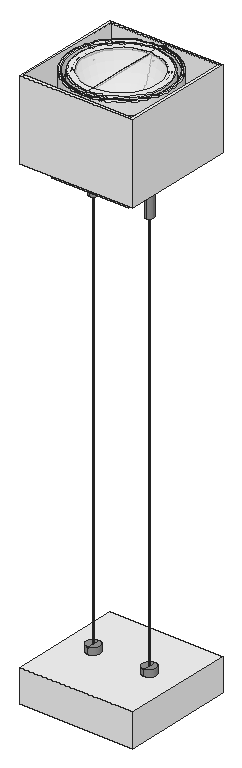
Revit family "Zaniboni-Diva-5_Inch_Pendant-1", category Lighting Fixtures, host Face, Revit 2016
Family settings
  Host = Face
  Part Type = Normal
  Round Connector Dimension = Use Diameter
  Cut with Voids When Loaded = No
  Light Source = No
  Shared = No
  Room Calculation Point = No
Parameters (values of type "Type Catalog")
  Width Base = if(and(D, Q), 7.88", if(T, 11.81", if(D, 11.81", 6")))  # 6"
  Width = 6"
  Wattage Comments = "14W"
  Voltage = 120 V
  URL = "www.zanibonilighting.com"
  Type Comments = "Diva"  # constant formula
  Support Finish = ZBN - Metal Matte White
  Screen Finish = ZBN - Glass
  ST = T  # no
  SQ = Q  # no
  SD = D  # no
  T = no
  Q = no
  Fw = if(and(D, Q), 1.97", if(T, 1.19", if(Q, 0.8", 0.95")))  # 0.95"
  Fd = if(and(D, Q), 1.97", if(T, 2.2", if(D, 2.2", 0.95")))  # 0.95"
  Depth Base = if(and(D, Q), 7.88", 6")  # 6"
  D = no
  Model = "Type Catalog"
  Mechanism Finish = ZBN - Plastic-Black
  Manufacturer = "Zaniboni"  # constant formula
  Length = 6"
  Keynote = "12500"
  Kelvin = "3000°K"
  Frame Finish = ZBN - Metal Matte White
  Diffuser Finish = ZBN - Metal Matte White
  Description = "Type Catalog"
  Default Elevation = 1"
  Cw = if(and(D, Q), 2.71", if(T, 5.1", if(D, 2.15", 1 1/2")))  # 1 1/2"
  Ct = no
  Cord Finish = ZBN - Chrome
  Cord = no
  Ceiling Dist [instance] = 30"
  Cd = if(Q, 2.71", 3")  # 3"
  Cable Width = if(and(D, Q), 0", if(and(D, T), 1 1/4", 0"))  # 0"
  Cable Finish = ZBN - Chrome
  Cc = no
  Cable = yes
  CRI = "80"
  Body Finish = ZBN - Metal Matte White
  Beam = "36°"
  Base Finish = ZBN - Metal Matte White
  Assembly Code = "E1020300"
Reference planes (in)
  plane 1 "Center (Front/Back)": y = 0
  plane 2: z = 0
  plane 3 "Center (Left/Right)": x = 0
  plane 4: x = 6
  plane 5: y = -6
  plane 6: x = 3
  plane 7: y = -3
  plane 8: z = 30
  plane 9: z = 25.79
  plane 10: z = 25.04
  plane 11: z = 1.75
  plane 12: x = 0
  plane 13: x = 6
  plane 14: y = 0
  plane 15: y = -6
  plane 16: z = 2.56213
  plane 17: z = 24.22787
Forms (in)
  Extrusion 1, solid, material "ZBN - Metal Matte White" <- "Body Finish"
    sketch origin (2.99382, -1.49606, 4.68504) x (1, 0, 0) y (0, 1, 0)
      loop
        line (-2.99382, 1.49606) -> (-2.99382, -4.50394) -> (3.00618, -4.50394) -> (3.00618, 1.49606) -> (-2.99382, 1.49606)
      loop
        line (2.88118, -4.37894) -> (2.88118, 1.37106) -> (-2.86882, 1.37106) -> (-2.86882, -4.37894) -> (2.88118, -4.37894)
    from 21.10496 to 25.31496
  Extrusion 2, solid, material "ZBN - Metal Matte White" <- "Body Finish"
    sketch origin (-0.55118, 0.55118, 1.69291) x (1, 0, 0) y (0, 1, 0)
      loop
        line (0.55118, -0.55118) -> (0.55118, -6.55118) -> (6.55118, -6.55118) -> (6.55118, -0.55118) -> (0.55118, -0.55118)
    from 24.09709 to 24.21709
  Extrusion 3, solid, material "ZBN - Metal Matte White" <- "Frame Finish"
    sketch origin (0, 0, 0) x (1, 0, 0) y (0, 1, 0)
      loop
        line (0.95, -0.95) -> (0.95, -5.05) -> (5.05, -5.05) -> (5.05, -0.95) -> (0.95, -0.95)
    from 25.04 to 25.79
  Extrusion 4, solid, material "ZBN - Metal Matte White" <- "Base Finish"
    sketch origin (0, 0, 0) x (1, 0, 0) y (0, 1, 0)
      loop
        line (0, 0) -> (0, -6) -> (6, -6) -> (6, 0) -> (0, 0)
    from 0 to 1.75
  Extrusion 5, solid, material "ZBN - Chrome" <- "Cord Finish", visible <- "Cord"
    sketch origin (18.52533, 7.18971, -0.062) x (1, 0, 0) y (0, 1, 0)
      loop
        circle (-15.52533, -10.18971) r 0.13141
    from 2.62413 to 24.28987
  Blend 6, solid, material "ZBN - Chrome" <- "Cord Finish", visible <- "Cord"
    base sketch origin (21.60427, 0.39394, 0.87387) x (1, 0, 0) y (0, 1, 0)
      loop
        circle (-18.60427, -3.39394) r 0.33016
    top sketch origin (21.60427, 0.39394, 0.87387) x (1, 0, 0) y (0, 1, 0)
      loop
        circle (-18.60427, -3.39394) r 0.19264
    from 0.87613 to 1.68826
  Blend 7, solid, material "ZBN - Chrome" <- "Cord Finish", visible <- "Cord"
    base sketch origin (21.8345, 3.28226, 8.61553) x (0, -1, 0) y (1, 0, 0)
      loop
        circle (6.28226, -18.8345) r 0.33016
    top sketch origin (21.8345, 3.28226, 8.61553) x (0, -1, 0) y (1, 0, 0)
      loop
        circle (6.28226, -18.8345) r 0.19264
    from 16.42447 to 15.61234
Cuts and joins
  joined: Extrusion 1, Extrusion 2
Lines and regions (in)
  symbolic lines
    curve 1: line (0, 0, 0) -> (0, -6, 0)
    curve 2: line (6, 0, 0) -> (0, 0, 0)
    curve 3: line (6, -6, 0) -> (6, 0, 0)
    curve 4: line (0, -6, 0) -> (6, -6, 0)
    curve 5: line (0.125, -5.875, 0) -> (0.125, -0.125, 0)
    curve 6: line (0.125, -0.125, 0) -> (5.875, -0.125, 0)
    curve 7: line (5.875, -0.125, 0) -> (5.875, -5.875, 0)
    curve 8: line (5.875, -5.875, 0) -> (0.125, -5.875, 0)
Dimensions and locks (in)
  plane 3 "Center (Left/Right)" to Extrusion 2 sketch curve = 0"
  Extrusion 2 sketch curve to plane 1 "Center (Front/Back)" = 0"
  locked: plane 3 "Center (Left/Right)" to Extrusion 1 sketch curve at 0.125
  locked: Extrusion 1 sketch curve to plane 4 at 0.125
  locked: Extrusion 1 sketch curve to plane 5 at 0.125
  locked: Extrusion 1 sketch curve to plane 1 "Center (Front/Back)" at 0.125
  "Length": plane 3 "Center (Left/Right)" to plane 4
  "Width": plane 5 to plane 1 "Center (Front/Back)"
  equal spacing: plane 3 "Center (Left/Right)", plane 6, plane 4
  equal spacing: plane 5, plane 7, plane 1 "Center (Front/Back)"
  locked: plane 9 to plane 8 at 4.21
  "Ceiling Dist": plane 2 to plane 8
  locked: cut or joined group of Extrusion 1, Extrusion 2 to plane 9 at 0.12
  locked: plane 10 to plane 9 at 0.75
  "Fd": Extrusion 3 sketch curve to plane 1 "Center (Front/Back)"
  "Fd": Extrusion 3 sketch curve to plane 5
  "Fw": plane 3 "Center (Left/Right)" to Extrusion 3 sketch curve
  "Fw": Extrusion 3 sketch curve to plane 4
  locked: plane 11 to plane 2 at 1.75
  "Cw": plane 3 "Center (Left/Right)" to nested 6
  "Cw": nested 7 to plane 4
  "Cd": nested 6 to plane 1 "Center (Front/Back)"
  "Cd": nested 7 to plane 1 "Center (Front/Back)"
  locked: plane 3 "Center (Left/Right)" to nested 8 at 2.71
  locked: plane 5 to nested 8 at 2.71
  plane 4 to nested 9 = 3.09"
  locked: plane 5 to nested 9 at 2.71
  locked: plane 6 to nested 11 at 1.25
  "Cable Width": nested 10 to plane 6
  equal spacing: plane 12, plane 6, plane 13
  "Width Base": plane 12 to plane 13
  equal spacing: plane 15, plane 7, plane 14
  "Depth Base": plane 14 to plane 15
  locked: plane 16 to plane 11 at 0.81213
  locked: plane 10 to plane 17 at 0.81213
  aligned and locked: plane 2 to host face
  aligned and locked: level to host face
  aligned and locked: plane 3 "Center (Left/Right)" to Extrusion 1 sketch curve
  aligned and locked: plane 1 "Center (Front/Back)" to Extrusion 1 sketch curve
  aligned and locked: plane 4 to Extrusion 1 sketch curve
  aligned and locked: plane 5 to Extrusion 1 sketch curve
  aligned and locked: Extrusion 1 to plane 8
  aligned and locked: plane 8 to nested 4
  aligned and locked: nested 5 to plane 8
  aligned and locked: nested 1 to plane 8
  aligned and locked: plane 8 to nested 2
  aligned and locked: plane 8 to nested 3
  aligned and locked: plane 9 to Extrusion 2
  aligned and locked: plane 9 to Extrusion 1
  aligned and locked: Extrusion 2 to plane 9  (x4)
  aligned and locked: Extrusion 1 to plane 9
  aligned and locked: Extrusion 2 to plane 5
  aligned and locked: Extrusion 2 to plane 1 "Center (Front/Back)"
  aligned and locked: Extrusion 3 to plane 9
  aligned and locked: plane 10 to Extrusion 3
  aligned and locked: nested 6 to plane 11
  aligned and locked: nested 8 to plane 11
  aligned and locked: nested 9 to plane 11
  aligned and locked: plane 11 to nested 11
  aligned and locked: plane 11 to nested 10
  aligned and locked: nested 10 to plane 7
  aligned and locked: nested 11 to plane 7
  aligned and locked: Extrusion 4 sketch curve to plane 14
  aligned and locked: plane 12 to Extrusion 4 sketch curve
  aligned and locked: plane 13 to Extrusion 4 sketch curve
  aligned and locked: Extrusion 4 sketch curve to plane 15
  aligned and locked: Extrusion 4 to plane 2
  aligned and locked: plane 11 to Extrusion 4
  aligned and locked: plane 16 to Extrusion 5
  aligned and locked: Blend 7 to plane 10
  aligned and locked: Blend 7 to plane 17
  aligned and locked: plane 17 to Extrusion 5
  aligned and locked: Blend 6 to plane 11
  aligned and locked: Blend 6 to plane 16
  aligned and locked: plane 6 to Blend 7 sketch curve  (x2)
  aligned and locked: plane 7 to Blend 7 sketch curve  (x2)
  aligned and locked: plane 6 to Blend 6 sketch curve  (x2)
  aligned and locked: plane 7 to Blend 6 sketch curve  (x2)
  aligned and locked: plane 6 to Extrusion 5 sketch curve
  aligned and locked: plane 7 to Extrusion 5 sketch curve
Automatic sketch dimensions
  curve 1 to plane 3 "Center (Left/Right)" = 0"
  curve 3 to plane 4 = 0"
  curve 1 to plane 5 = 0"
  plane 1 "Center (Front/Back)" to curve 2 = 0"
  plane 3 "Center (Left/Right)" to curve 5 = 1/8"
  plane 4 to curve 8 = 1/8"
  plane 5 to curve 8 = 1/8"
  plane 1 "Center (Front/Back)" to curve 5 = 1/8"
  host sketch curve to host sketch curve = 16.02584"
  host sketch curve to host sketch curve = 22.01764"
  Extrusion 2 sketch curve to plane 4 = 0"
  Extrusion 2 sketch curve to plane 5 = 0"
  radius of Extrusion 5 sketch curve = 0.13141"
  radius of Blend 6 sketch curve = 0.33016"
  radius of Blend 6 sketch curve = 0.19264"
  radius of Blend 7 sketch curve = 0.33016"
  radius of Blend 7 sketch curve = 0.19264"
Nested families (in)
  nested 1: "Diva 5" at (3, -3, 9.05081), Diffuser Finish <- "Diffuser Finish", Frame Finish <- "Frame Finish", Mechanism Finish <- "Mechanism Finish", Screen Finish <- "Screen Finish", Support Finish <- "Support Finish", Voltage <- "Voltage", type "Diva 5"
    with Voltage 120 V, Support Finish ZBN - Metal Matte White, Support yes, Screen Finish ZBN - Glass, Mechanism Finish ZBN - Plastic-Black, Light yes, Frame Finish ZBN - Metal Matte White, Diffuser Finish ZBN - Metal Matte White
  nested 2: "Diva 5" at (8.85, -3, 9.05081) x (-1, 0, 0) z (0, 0, 1), Support <- "SD", Light <- "D", Diffuser Finish <- "Diffuser Finish", Frame Finish <- "Frame Finish", Mechanism Finish <- "Mechanism Finish", Screen Finish <- "Screen Finish", Support Finish <- "Support Finish", Voltage <- "Voltage", type "Diva 5"
    with Voltage 120 V, Support Finish ZBN - Metal Matte White, Support no, Screen Finish ZBN - Glass, Mechanism Finish ZBN - Plastic-Black, Light no, Frame Finish ZBN - Metal Matte White, Diffuser Finish ZBN - Metal Matte White
  nested 3: "Diva 5" at (14.7, -3, 9.05081) x (-1, 0, 0) z (0, 0, 1), Support <- "ST", Light <- "T", Diffuser Finish <- "Diffuser Finish", Frame Finish <- "Frame Finish", Mechanism Finish <- "Mechanism Finish", Screen Finish <- "Screen Finish", Support Finish <- "Support Finish", Voltage <- "Voltage", type "Diva 5"
    with Voltage 120 V, Support Finish ZBN - Metal Matte White, Support no, Screen Finish ZBN - Glass, Mechanism Finish ZBN - Plastic-Black, Light no, Frame Finish ZBN - Metal Matte White, Diffuser Finish ZBN - Metal Matte White
  nested 4: "Diva 5" at (3, -8.71946, 9.05081), Support <- "SQ", Light <- "Q", Diffuser Finish <- "Diffuser Finish", Frame Finish <- "Frame Finish", Mechanism Finish <- "Mechanism Finish", Screen Finish <- "Screen Finish", Support Finish <- "Support Finish", Voltage <- "Voltage", type "Diva 5"
    with Voltage 120 V, Support Finish ZBN - Metal Matte White, Support no, Screen Finish ZBN - Glass, Mechanism Finish ZBN - Plastic-Black, Light no, Frame Finish ZBN - Metal Matte White, Diffuser Finish ZBN - Metal Matte White
  nested 5: "Diva 5" at (8.85, -8.71946, 9.05081) x (-1, 0, 0) z (0, 0, 1), Support <- "SQ", Light <- "Q", Diffuser Finish <- "Diffuser Finish", Frame Finish <- "Frame Finish", Mechanism Finish <- "Mechanism Finish", Screen Finish <- "Screen Finish", Support Finish <- "Support Finish", Voltage <- "Voltage", type "Diva 5"
    with Voltage 120 V, Support Finish ZBN - Metal Matte White, Support no, Screen Finish ZBN - Glass, Mechanism Finish ZBN - Plastic-Black, Light no, Frame Finish ZBN - Metal Matte White, Diffuser Finish ZBN - Metal Matte White
  nested 6: "Aircraft" at (1.5, -3, 0), CL <- "Ceiling Dist", Cable Finish <- "Cable Finish", Cable <- "Cable", type "Cable"
    with Cable Finish ZBN - Chrome, Cable yes, CL 30"
  nested 7: "Aircraft" at (4.5, -3, 0), CL <- "Ceiling Dist", Cable Finish <- "Cable Finish", Cable <- "Cable", type "Cable"
    with Cable Finish ZBN - Chrome, Cable yes, CL 30"
  nested 8: "Aircraft" at (2.71, -3.29, 0), CL <- "Ceiling Dist", Cable Finish <- "Cable Finish", Cable <- "Q", type "Cable"
    with Cable Finish ZBN - Chrome, Cable no, CL 30"
  nested 9: "Aircraft" at (9.09, -3.29, 0), CL <- "Ceiling Dist", Cable Finish <- "Cable Finish", Cable <- "Q", type "Cable"
    with Cable Finish ZBN - Chrome, Cable no, CL 30"
  nested 10: "Aircraft" at (3, -3, 0), CL <- "Ceiling Dist", Cable Finish <- "Cable Finish", Cable <- "Cc", type "Cable"
    with Cable Finish ZBN - Chrome, Cable no, CL 30"
  nested 11: "Aircraft" at (4.25, -3, 0), CL <- "Ceiling Dist", Cable Finish <- "Cable Finish", Cable <- "Ct", type "Cable"
    with Cable Finish ZBN - Chrome, Cable no, CL 30"
Definition of nested family "Diva 5"
  Parameters (values of type "Diva 5")
    Wattage = 9.2903 W
    built-in parameter 1150110 = 1 (stored number, unit not read)
    Voltage [instance] = 0 V
    built-in parameter 1114217 = 1 (stored number, unit not read)
    Tilt Angle = 90.00°
    built-in parameter 1150109 = 1 (stored number, unit not read)
    built-in parameter 1150134 = 3
    built-in parameter 1150113 = 1 (stored number, unit not read)
    Support Finish [instance] = none
    Support [instance] = yes
    Screen Finish [instance] = none
    Photometric Web File = "generic"
    built-in parameter 1150142 = (empty or 0)
    Mechanism Finish [instance] = none
    built-in parameter 1150105 = 109.82 (stored number, unit not read)
    Lumens = 1380 lm
    built-in parameter 1150115 = 1 (stored number, unit not read)
    built-in parameter 1150137 = (empty or 0)
    built-in parameter 1150139 = (empty or 0)
    Light [instance] = yes
    built-in parameter 1150112 = 1 (stored number, unit not read)
    built-in parameter 1150114 = 1 (stored number, unit not read)
    built-in parameter 1150132 = (empty or 0)
    built-in parameter 1150102 = (empty or 0)
    built-in parameter 1150107 = 3200 (stored number, unit not read)
    built-in parameter 1150138 = (empty or 0)
    built-in parameter 1150106 = 1.0982 (stored number, unit not read)
    Frame Finish [instance] = none
    Emit from Circle Diameter = 3"
    Emit Shape Visible in Rendering = no
    built-in parameter 1150104 = 13.8 (stored number, unit not read)
    Dimming Lamp Color Temperature Shift = (empty or 0)
    Diffuser Finish [instance] = none
    Color Filter = 16777215
    built-in parameter 1114218 = 1 (stored number, unit not read)
    built-in parameter 1150133 = 10 (stored number, unit not read)
  Reference planes (in)
    plane 1 "Center (Front/Back)": y = 0
    plane 2: z = 0
    plane 3 "Center (Left/Right)": x = 0
    plane 4: z = 20.94919
  Forms (in)
    Revolve 1, solid, material <- "Support Finish", visible <- "Light"
      sketch origin (0, 0, 0) x (0, 1, 0) y (0, 0, 1)
        loop
          arc (2.65799, 20.91) -> (2.64655, 20.93762) -> (2.61892, 20.94906) r 0.03906
          line (2.61892, 20.94906) -> (2.53933, 20.94906)
          arc (2.53933, 20.94906) -> (2.51171, 20.93762) -> (2.50027, 20.91) r 0.03906
          line (2.50027, 20.91) -> (2.50027, 20.22416)
          arc (2.50027, 20.22416) -> (2.51171, 20.19653) -> (2.53933, 20.18509) r 0.03906
          line (2.53933, 20.18509) -> (2.6185, 20.18509)
          arc (2.6185, 20.18509) -> (2.64642, 20.19666) -> (2.65799, 20.22458) r 0.03949
          line (2.65799, 20.22458) -> (2.65799, 20.91)
        axis (0, 20.94906) -> (0, 20.18509)
      angle from 0 to 360
    Revolve 2, solid, material <- "Mechanism Finish", visible <- "Light"
      sketch origin (0, 0, 0) x (0, 1, 0) y (0, 0, 1)
        loop
          line (0, 17.8703) -> (0, 18.51112) -> (-1.18532, 18.51112)
          arc (-1.18532, 18.51112) -> (-1.27216, 18.52922) -> (-1.34455, 18.5805) r 0.2174
          arc (-1.34455, 18.5805) -> (-1.84919, 19.38234) -> (-2.02555, 20.3132) r 2.54479
          line (-2.02555, 20.3132) -> (-2.02555, 20.75522) -> (-2.09703, 20.75522) -> (-2.07135, 18.30322)
          arc (-2.07135, 18.30322) -> (-1.94161, 17.99683) -> (-1.63387, 17.8703) r 0.4375
          line (-1.63387, 17.8703) -> (0, 17.8703)
        axis (0, 20.75522) -> (0, 17.8703)
      angle from 0 to 360
    Revolve 3, solid, material <- "Frame Finish", visible <- "Light"
      sketch origin (0, 0, 0) x (0, 1, 0) y (0, 0, 1)
        loop
          arc (2.30355, 20.91719) -> (2.29418, 20.93982) -> (2.27155, 20.94919) r 0.032
          line (2.27155, 20.94919) -> (1.92843, 20.94919) -> (1.92843, 20.8862) -> (2.08786, 20.8862) -> (2.08786, 20.48384)
          arc (2.08786, 20.48384) -> (2.0957, 20.46491) -> (2.11464, 20.45707) r 0.02678
          line (2.11464, 20.45707) -> (2.16119, 20.45707) -> (2.16119, 20.35077) -> (2.30355, 20.35077) -> (2.30355, 20.91719)
        axis (0, 20.94919) -> (0, 20.35077)
      angle from 0 to 360
    Revolve 4, solid, material <- "Screen Finish", visible <- "Light"
      sketch origin (0, 0, -0.0433) x (0, 1, 0) y (0, 0, 1)
        loop
          line (0, 20.9295) -> (-2.0567, 20.9295) -> (-2.0567, 20.8547) -> (0, 20.8547) -> (0, 20.9295)
        axis (0, 20.9295) -> (0, 20.8547)
      angle from 0 to 360
    Extrusion 5, solid, material <- "Mechanism Finish", visible <- "Light"
      sketch origin (0, 0, 9.8808) x (1, 0, 0) y (0, 1, 0)
        loop
          circle (0, 0) r 0.5
      from 7.9277 to 7.9902
    Extrusion 6, solid, material <- "Support Finish", visible <- "Support"
      sketch origin (0, -1.49346, 0) x (1, 0, 0) y (0, 0, 1)
        loop
          line (-0.21654, 20.6341) -> (-0.21654, 16.91375) -> (0.21654, 16.91375) -> (0.21654, 20.6341)
          arc (0.21654, 20.6341) -> (0, 20.85063) -> (-0.21654, 20.6341) r 0.21654
      from 1.25773 to 1.366
    Extrusion 7, solid, material <- "Support Finish", visible <- "Support"
      sketch origin (0, 4.11719, 0) x (1, 0, 0) y (0, 0, 1)
        loop
          line (-0.21654, 20.6341) -> (-0.21654, 16.91375) -> (0.21654, 16.91375) -> (0.21654, 20.6341)
          arc (0.21654, 20.6341) -> (0, 20.85063) -> (-0.21654, 20.6341) r 0.21654
      from 1.25773 to 1.366
    Extrusion 8, solid, material <- "Support Finish", visible <- "Support"
      sketch origin (0, -0.07403, -0.95746) x (1, 0, 0) y (0, 0, 1)
        loop
          line (-0.21654, 17.87121) -> (0.21654, 17.87121) -> (0.21654, 17.97948) -> (-0.21654, 17.97948) -> (-0.21654, 17.87121)
      from -2.82522 to 2.67717
    Revolve 9, solid, material <- "Diffuser Finish", visible <- "Light"
      sketch origin (0, 0, 0) x (0, 1, 0) y (0, 0, 1)
        loop
          line (0, 18.72938) -> (-0.90533, 18.72938)
          arc (-0.90533, 18.72938) -> (-1.66991, 19.65423) -> (-1.98755, 20.8114) r 2.85866
          arc (-1.98755, 20.8114) -> (-1.7642, 19.64475) -> (-1.04666, 18.69813) r 2.6082
          line (-1.04666, 18.69813) -> (0, 18.69813) -> (0, 18.72938)
        axis (0, 20.8114) -> (0, 18.69813)
      angle from 0 to 360
    Extrusion 10, solid, material <- "Support Finish", visible <- "Light"
      sketch origin (-1.01395, 0, 0.15056) x (0, 1, 0) y (0, 0, 1)
        loop
          circle (0, 20.41702) r 0.20641
      from -1.49694 to -1.282
    Extrusion 11, solid, material <- "Support Finish", visible <- "Light"
      sketch origin (0, 0, 0) x (1, 0, 0) y (0, 0, -1)
        loop
          circle (0, -20.56596) r 0.20581
      from 2.57479 to 2.85946
    Extrusion 12, solid, material <- "Support Finish", visible <- "Light"
      sketch origin (1.01395, 0, 0.15056) x (0, 1, 0) y (0, 0, -1)
        loop
          circle (0, -20.41702) r 0.20641
      from -1.49694 to -1.282
    Extrusion 13, solid, material <- "Support Finish", visible <- "Light"
      sketch origin (0, 0, 0) x (1, 0, 0) y (0, 0, 1)
        loop
          circle (0, 20.56596) r 0.20581
      from 2.57479 to 2.85946
  Cuts and joins
    joined: Extrusion 6, Extrusion 8
  Lines and regions (in)
    symbolic lines, visible <- "Light", detail levels fine
      curve 1: circle (0, 0, 0) r 1.92843 normal (0, 0, 1)
      curve 2: circle (0, 0, 0) r 2.30355 normal (0, 0, 1)
      curve 3: circle (0, 0, 0) r 2.5 normal (0, 0, 1)
      curve 4: circle (0, 0, 0) r 2.65886 normal (0, 0, 1)
  Dimensions and locks (in)
    aligned and locked: plane 2 to level
  Connectors (in)
    electrical at (0, 0, 17.80851), driven by "Voltage"
      settings: on Extrusion 5, index 1, voltage 0 V, apparent load 0 VA, apparent load phase1 0 VA, apparent load phase2 0 VA, apparent load phase3 0 VA, power factor 1, load classification none, number of poles 1, system type 31, power factor state 1, is connector primary yes, connector utility no, sub classification motor no, connector description ""
Definition of nested family "Aircraft"
  Parameters (values of type "Cable")
    Cable Finish [instance] = none
    Cable [instance] = yes
    CL [instance] = 28"
  Reference planes (in)
    plane 1 "Center (Front/Back)": y = 0
    plane 2: z = 0
    plane 3 "Center (Left/Right)": x = 0
    plane 4: z = 28
    plane 5: z = 23.04
    plane 6: z = 1.75
  Forms (in)
    Revolve 1, solid, material <- "Cable Finish", visible <- "Cable"
      sketch origin (0, 0, 0) x (0, 1, 0) y (0, 0, 1)
        loop
          line (0, 2.0917) -> (-0.35369, 2.0917) -> (-0.35369, 1.75) -> (0, 1.75) -> (0, 2.0917)
        loop
          line (-0.258, 22.978) -> (-0.205, 22.978) -> (-0.205, 21.54) -> (0, 21.54) -> (0, 23.04) -> (-0.258, 23.04) -> (-0.258, 22.978)
        axis (0, 1.75) -> (0, 23.04)
      angle from 0 to 360
    Extrusion 2, solid, material <- "Cable Finish", visible <- "Cable"
      sketch origin (0, 0, 0) x (1, 0, 0) y (0, 1, 0)
        loop
          circle (0, 0) r 0.03176
      from 2.0917 to 21.54
  Lines and regions (in)
    symbolic lines, visible <- "Cable", detail levels fine
      curve 1: circle (0, 0, 0) r 0.35369 normal (0, 0, 1)
  Dimensions and locks (in)
    locked: plane 6 to Revolve 1 sketch curve at 0.3417
    locked: plane 1 "Center (Front/Back)" to Revolve 1 sketch curve at 0.35369
    Revolve 1 sketch curve to Revolve 1 sketch curve to plane 5 = 1.438" locked, 0.062" locked
    plane 1 "Center (Front/Back)" to Revolve 1 sketch curve to Revolve 1 sketch curve = 0.205" locked, 0.053" locked
    locked: plane 6 to plane 2 at 1.75
    locked: plane 5 to plane 4 at 4.96
    "CL": plane 2 to plane 4
    aligned and locked: plane 2 to level
    aligned and locked: Revolve 1 to Extrusion 2
    aligned and locked: Extrusion 2 to Revolve 1
  Automatic sketch dimensions
    plane 1 "Center (Front/Back)" to curve 1 = 0"
    curve 1 to plane 3 "Center (Left/Right)" = 0"
    Revolve 1 sketch curve to plane 1 "Center (Front/Back)" = 0"  (x3)
    Revolve 1 sketch curve to plane 6 = 0"
    plane 5 to Revolve 1 sketch curve = 0"
    Revolve 1 sketch curve to Revolve 1 sketch curve = 0.33628"
    Revolve 1 sketch curve to Revolve 1 sketch curve = 0.38982"
    plane 1 "Center (Front/Back)" to Extrusion 2 sketch curve = 0"
    Extrusion 2 sketch curve to plane 3 "Center (Left/Right)" = 0"
    radius of curve 1 = 0.35369"
    radius of Extrusion 2 sketch curve = 0.03176"
